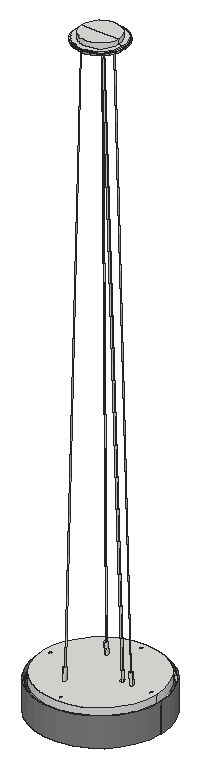
Revit family "Lighting_Pendants_Zero_Allright_Pendant", category Lighting Fixtures, Revit 2020
Family settings
  Round Connector Dimension = Use Diameter
  Part Type = Normal
  OmniClass Number = 23.80.70.00
  OmniClass Title = Lighting
  Work Plane-Based = No
  Always vertical = Yes
  Cut with Voids When Loaded = No
  Light Source = Yes
  Shared = No
  Room Calculation Point = No
Parameters (values of type "Allright pendant LED 1400LM/17W Grey HFF")
  Youtube clip = ""
  Weight Net (Kg) = "3.5"
  Wattage = 9.42495 W
  WarrantyStartDate [instance] = "n/a"
  WarrantyGuarantorParts = "n/a"
  WarrantyGuarantorLabor = "n/a"
  WarrantyDurationUnit = "Year"
  WarrantyDurationParts = "n/a"
  WarrantyDurationLabor = "n/a"
  WarrantyDescription = "n/a"
  built-in parameter 1150110 = 1 (stored number, unit not read)
  VersionDate = "31/08/2023"  # constant formula
  Version = "3"  # constant formula
  UsageCurrent = 0 A
  Uniformat II Description = ""
  Uniformat II Code = ""
  Uniclass2015Reference = "Pr_70_70_48_86"
  Uniclass2015Description = "Suspended luminaires"
  Uniclass2 = "Pr_70_70_49_86"
  Uniclass 2015 Name = ""
  Uniclass 2015 Code = ""
  Uniclass 2.0 Description = ""
  Uniclass 2.0 Code = ""
  Uniclass 1.4 Description = ""
  Uniclass 1.4 Code = ""
  URL = "https://www.zerolighting.com/pendants#/allright-inompe/"
  UNSPSC Code = ""
  TotalWattage = 17 W
  built-in parameter 1114217 = 1 (stored number, unit not read)
  Tilt Angle = 90.00°
  built-in parameter 1150109 = 1 (stored number, unit not read)
  built-in parameter 1150134 = (empty or 0)
  Technical description = ""
  TagNumber [instance] = "n/a"
  SustainabilityPerformance = "n/a"
  built-in parameter 1150113 = 1 (stored number, unit not read)
  Size = "400x400x1610 mm"
  Shape = "Sculptured"
  SerialNumber [instance] = "n/a"
  Revision = "5"  # constant formula
  ReplacementCost = "n/a"
  Region South America = "None"
  Region Oceania = "AU, NZ"
  Region North America = "BZ, CR, GT, HN, MX, NI, PA, SV, US"
  Region Middle East = "AE"
  Region Europe = "AD, AL, AT, AX, BA, BE, BG, BY, CH, CY, CZ, DE, DK, EE, ES, FI, FO, FR, GB, GG, GI, GR, HR, HU, IE, IM, IS, IT, JE, LI, LT, LU, LV, MC, MD, ME, MK, MT, NL, NO, PL, PT, RO, RS, RU, SE, SI, SJ, SK, SM, UA, VA"
  Region Asia = "HK, JP, SG"
  Region Antarctica = "None"
  Region Africa = "None"
  ProductInformation = "n/a"
  Product group = "Pendant"
  Product family = "Allright"
  Product certification = ""
  Product SKU = "Allright_pendant"
  Product Guid = "c9f32ad8-27a8-44c5-a4b6-41a178e3e565"
  Photometric Web File = "Allright7430-3_IES.IES"
  PhaseReference = "n/a"
  PhaseAngle = 0.00°
  OmniClass Description = ""
  OmniClass Code = ""
  NumberOfSources = 0
  NumberOfPoles = 1
  NominalVoltageCalc = 0 V
  NominalVoltage = 230 V
  NominalRadius = 200 mm
  NominalLength = 400 mm
  NominalFrequencyRange = 50 Hz
  NominalDiameter = 400 mm
  NominalCurrent = 0 A
  Nominal width = 400 mm
  Nominal height = 111 mm
  Name = "Zero_Allright_Pendant"  # constant formula
  NBSReference = "90-60-50/405"
  NBSDescription = "General purpose luminaires"
  NBS Reference Description = ""
  NBS Reference Code = ""
  ModelReference = "n/a"
  ModelNumber = "7428-3-97HFF"
  Model = "Allright pendant LED 1400LM/17W Grey HFF"
  Material secondary = "Acrylic"
  Material main = "Aluminium"
  Material = "Metal and plastic"
  Masterformat 2014 Description = ""
  Masterformat 2014 Code = ""
  ManufacturersSpecificInformation = "n/a"
  ManufacturerURL = "https://www.zerolighting.com/"
  ManufacturerName = "Zero"
  Manufacturer name = "ZERO"
  Manufacturer country = "Sweden"
  Manufacturer = "Zero"
  MaintenanceFactor = 0
  built-in parameter 1150105 = 111.41 (stored number, unit not read)
  Lumens = 1400 lm
  built-in parameter 1150115 = 1 (stored number, unit not read)
  LightFixtureSecondaryMaterial = White steel
  LightFixturePlacingType = "Ceiling"
  LightFixtureMountingType = "Suspended"
  LightFixtureMainMaterial = Dark Grey
  built-in parameter 1150137 = (empty or 0)
  built-in parameter 1150139 = (empty or 0)
  LensMaterial = Prismatic Acrylic
  built-in parameter 1150112 = 1 (stored number, unit not read)
  built-in parameter 1150114 = 1 (stored number, unit not read)
  InsulationStandardClass = "n/a"
  InstallationDate [instance] = "n/a"
  Installation instructions = ""
  built-in parameter 1150132 = 2
  built-in parameter 1150102 = (empty or 0)
  built-in parameter 1150107 = 3000 (stored number, unit not read)
  built-in parameter 1150138 = (empty or 0)
  built-in parameter 1150106 = 1.1141 (stored number, unit not read)
  IfcExportType = "NOTDEFINED"  # constant formula
  IfcExportAs = "IfcLightFixtureType"  # constant formula
  IP_Code = "20"
  IFC Classification = ""
  HasProtectiveEarth = no
  GTIN code = ""
  Emit from Line Length = 609.6 mm
  built-in parameter 1150104 = 13.8 (stored number, unit not read)
  Edition number = 1
  Dimming Lamp Color Temperature Shift = <None>
  Dimming = "Dimmable with DALI, DSI, SwitchDim"
  Grade = "n/a"
  Finish = "Anodized aluminium, natural, bronze or dark grey painted and white\r\npainted steel. Diffuser in prismatic acrylic."
  Features = "Terminal-block 5x4mm2. Two entry holes."
  ExpectedLife = "n/a"
  ElectricalDeviceNominalPower = 0
  EANNumber = "n/a"
  DurationUnit = "Year"
  Designer = "Per Sundstedt"
  Design country = "Sweden"
  DefaultElevation = 0 mm
  Default Elevation = 0 mm
  Date of publishing = ""
  Constituents = "n/a"
  Color Filter = 16777215
  Color = "Various"
  Collection = "Allright"
  CodePerformance = "n/a"
  Category = "Pendant"
  CableLength [instance] = 1800 mm
  COBIe Type Category = ""
  Brand url = "http://www.zero.se"
  Brand = "Zero"
  Barcode [instance] = "n/a"
  built-in parameter 1114218 = 1 (stored number, unit not read)
  BIMObjectName = "Lighting_Pendants_Zero_Allright_Pendant"  # constant formula
  Author = "BIMStone"  # constant formula
  built-in parameter 1150133 = 10 (stored number, unit not read)
  AssetType = "Fixed"
  AssetIdentifier [instance] = "n/a"
  ArticleNumber = "7428-3-97HFF"
  AccessibilityPerformance = "n/a"
Types (12, lengths in mm): name | Wattage | TotalWattage | Photometric Web File | ModelNumber | Model | built-in parameter 1150105 | Lumens | LightFixtureMainMaterial | built-in parameter 1150106 | built-in parameter 1150104 | Dimming | CableLength | ArticleNumber
  Allright pendant LED 1400LM/17W Alu | 9.42495 W | 17 W | "Allright7430-3_IES.IES" | "7428-3-38" | "Allright pendant LED 1400LM/17W Alu" | 111.41 (stored number, unit not read) | 1400 lm | Aluminum | 1.1141 (stored number, unit not read) | 13.8 (stored number, unit not read) | "None" | 1700 | "7428-3-38"
  Allright pendant LED 1937LM/26W Alu | 13.0334 W | 26 W | "Allright7428-3_IES.IES" | "7430-3-38" | "Allright pendant LED 1937LM/26W Alu" | 621.86 (stored number, unit not read) | 1936 lm | Aluminum | 6.2186 (stored number, unit not read) | 13.8 (stored number, unit not read) | "None" | 1500 | "7430-3-38"
  Allright pendant LED 1400LM/17W Alu HFF | 9.42495 W | 17 W | "Allright7430-3_IES.IES" | "7428-3-38HFF" | "Allright pendant LED 1400LM/17W Alu HFF" | 111.41 (stored number, unit not read) | 1400 lm | Aluminum | 1.1141 (stored number, unit not read) | 13.8 (stored number, unit not read) | "Dimmable with DALI, DSI, SwitchDim" | 1500 | "7428-3-38HFF"
  Allright pendant LED 1937LM/26W Alu HFF | 13.0334 W | 26 W | "Allright7428-3_IES.IES" | "7430-3-38HFF" | "Allright pendant LED 1937LM/26W Alu HFF" | 154.06 (stored number, unit not read) | 1936 lm | Aluminum | 1.5406 (stored number, unit not read) | 13.8 (stored number, unit not read) | "Dimmable with DALI, DSI, SwitchDim" | 1500 | "7430-3-38HFF"
  Allright pendant LED 1400LM/17W Bronze | 9.42495 W | 17 W | "Allright7430-3_IES.IES" | "7428-3-97" | "Allright pendant LED 1400LM/17W Bronze" | 111.41 (stored number, unit not read) | 1400 lm | Bronze | 1.1141 (stored number, unit not read) | 13.8 (stored number, unit not read) | "None" | 1800 | "7428-3-97"
  Allright pendant LED 1400LM/17W Bronze HFF | 9.42495 W | 17 W | "Allright7430-3_IES.IES" | "7428-3-97HFF" | "Allright pendant LED 1400LM/17W Bronze HFF" | 111.41 (stored number, unit not read) | 1400 lm | Bronze | 1.1141 (stored number, unit not read) | 13.8 (stored number, unit not read) | "Dimmable with DALI, DSI, SwitchDim" | 1500 | "7428-3-97HFF"
  Allright pendant LED 1937LM/26W Bronze | 13.0334 W | 26 W | "Allright7428-3_IES.IES" | "7430-3-97" | "Allright pendant LED 1937LM/26W Bronze" | 154.06 (stored number, unit not read) | 1936 lm | Bronze | 1.5406 (stored number, unit not read) | 13.8 (stored number, unit not read) | "None" | 1500 | "7430-3-97"
  Allright pendant LED 1937LM/26W Bronze HFF | 13.0334 W | 26 W | "Allright7428-3_IES.IES" | "7430-3-97HFF" | "Allright pendant LED 1937LM/26W Bronze HFF" | 154.06 (stored number, unit not read) | 1936 lm | Bronze | 1.5406 (stored number, unit not read) | 13.8 (stored number, unit not read) | "Dimmable with DALI, DSI, SwitchDim" | 1500 | "7430-3-97HFF"
  Allright pendant LED 1400LM/17W Grey | 9.42495 W | 17 W | "Allright7430-3_IES.IES" | "7428-3-97" | "Allright pendant LED 1400LM/17W Grey" | 111.41 (stored number, unit not read) | 1400 lm | Dark Grey | 1.1141 (stored number, unit not read) | 13.8 (stored number, unit not read) | "None" | 1500 | "7428-3-97"
  Allright pendant LED 1400LM/17W Grey HFF | 9.42495 W | 17 W | "Allright7430-3_IES.IES" | "7428-3-97HFF" | "Allright pendant LED 1400LM/17W Grey HFF" | 111.41 (stored number, unit not read) | 1400 lm | Dark Grey | 1.1141 (stored number, unit not read) | 13.8 (stored number, unit not read) | "Dimmable with DALI, DSI, SwitchDim" | 1800 | "7428-3-97HFF"
  Allright pendant LED 1937LM/26W Grey | 138.286 W | 26 W | "Allright7428-3_IES.IES" | "7430-3-98" | "Allright pendant LED 1937LM/26W Grey" | 154.06 (stored number, unit not read) | 1936 lm | Dark Grey | 1.5406 (stored number, unit not read) | 1.3006 (stored number, unit not read) | "None" | 1500 | "7430-3-98"
  Allright pendant LED 1937LM/26W Grey HFF | 13.0334 W | 26 W | "Allright7428-3_IES.IES" | "7430-3-98HFF" | "Allright pendant LED 1937LM/26W Grey HFF" | 154.06 (stored number, unit not read) | 1936 lm | Dark Grey | 1.5406 (stored number, unit not read) | 13.8 (stored number, unit not read) | "Dimmable with DALI, DSI, SwitchDim" | 1500 | "7430-3-98HFF"
Reference planes
  plane 1 "Light Source Axis (F/B)": y = 0
  plane 2: z = 0
  plane 3 "Light Source Axis (L/R)": x = 0
  plane 4 "Ceiling": z = 0
  plane 5 "Light Source Elevation": z = -1985
  plane 6: y = 200
  plane 7: y = -200
  plane 8: x = -200
  plane 9: x = 200
  plane 10: z = -1840
  plane 11: z = -40
  plane 12: z = 0
Forms (mm)
  Extrusion 1, solid, material "Dark Grey" <- "LightFixtureMainMaterial", detail levels coarse
    sketch origin (0, 0, -111) x (-1, 0, 0) y (0, -1, 0)
      loop
        line (200, 200) -> (-200, 200) -> (-200, -200) -> (200, -200) -> (200, 200)
    from 111 to -1874
  SweptBlend 2, solid, material "White steel" <- "LightFixtureSecondaryMaterial", detail levels medium+fine
    path origin (0, 0, 0) x (1, 0, 0) y (0, 0, 1)
      loop
        line (8.997, -25.174) -> (63.642, -1890)
    profile origin (8.997, 0, -25.174) x (0.999571, 0, 0.02929) y (0, -1, 0)
      loop
        circle (0, 0) r 2.5
    end profile origin (63.642, 0, -1890) x (0.999571, 0, 0.02929) y (0, -1, 0)
      loop
        circle (9.222, 0) r 2.5
Lines and regions (mm)
  symbolic lines, detail levels coarse
    curve 1: line (-200, -200, -1985) -> (200, -200, -1985)
    curve 2: line (-200, 200, -1985) -> (-200, -200, -1985)
    curve 3: line (200, 200, -1985) -> (-200, 200, -1985)
    curve 4: line (200, -200, -1985) -> (200, 200, -1985)
  symbolic lines, detail levels fine
    curve 5: line (0, 2.537, -1840) -> (0, 2.537, -24.397)
    curve 6: line (11.495, 0, -25.087) -> (11.495, 0, -40)
    curve 7: line (11.495, 0, -40) -> (73.414, 0, -1840)
    curve 8: line (73.414, 0, -1840) -> (73.414, 0, -1875)
    curve 9: line (68.414, 0, -1840.103) -> (68.414, 0, -1875)
    curve 10: line (6.495, 0, -40.103) -> (68.414, 0, -1840.103)
    curve 11: line (6.495, 0, -25.087) -> (6.495, 0, -40.103)
    curve 12: line (0, -2.463, -1840) -> (0, -2.463, -24.397)
    curve 14: line (0, 42.774, -40.034) -> (0, 83.145, -1840.034)
    curve 16: line (0, -42.774, -40.034) -> (0, -83.145, -1840.034)
    curve 18: line (99.684, 0, -1840.025) -> (44.338, 0, -40.033)
    curve 20: line (-47.765, 0, -1840.011) -> (-27.347, 0, -40.011)
  symbolic lines, detail levels medium+fine
    curve 13: line (0, 44.273, -40) -> (0, 84.645, -1840)
    curve 15: line (0, -44.273, -40) -> (0, -84.645, -1840)
    curve 17: line (100.484, 0, -1840) -> (45.138, 0, -40.009)
    curve 19: line (-48.765, 0, -1840) -> (-28.347, 0, -40)
Dimensions and locks
  equal spacing: plane 6, plane 1 "Light Source Axis (F/B)", plane 7
  plane 6 to plane 7 = 400 mm
  equal spacing: plane 8, plane 3 "Light Source Axis (L/R)", plane 9
  "NominalLength": plane 8 to plane 9
  "CableLength": plane 10 to plane 11
  locked: plane 11 to level at 40
  locked: plane 5 "Light Source Elevation" to plane 10 at 145
  aligned and locked: nested 1 to plane 10
  aligned and locked: plane 5 "Light Source Elevation" to nested 1
  aligned and locked: plane 5 "Light Source Elevation" to Extrusion 1
  aligned and locked: nested 2 to SweptBlend 2 sketch curve
  aligned and locked: SweptBlend 2 sketch curve to nested 1
  aligned and locked: imposter light to plane 5 "Light Source Elevation"
Automatic sketch dimensions
  Extrusion 1 sketch curve to plane 7 = 0 mm
  Extrusion 1 sketch curve to plane 9 = 0 mm
  Extrusion 1 sketch curve to plane 6 = 0 mm
  Extrusion 1 sketch curve to plane 8 = 0 mm
  curve 1 to plane 7 = 0 mm
  curve 1 to plane 9 = 0 mm
  curve 3 to plane 6 = 0 mm
  curve 3 to plane 8 = 0 mm
  SweptBlend 2 sketch curve to plane 1 "Light Source Axis (F/B)" = 0 mm  (x2)
  SweptBlend 2 sketch curve to profile plane = 0 mm
  SweptBlend 2 sketch curve to profile plane = 9.222 mm
  plane 3 "Light Source Axis (L/R)" to SweptBlend 2 sketch curve = 8.997 mm
  plane 3 "Light Source Axis (L/R)" to SweptBlend 2 sketch curve = 63.642 mm
  curve 15 to plane 10 = 0 mm
  curve 15 to plane 11 = 0 mm
  curve 12 to plane 10 = 0 mm
  curve 5 to plane 10 = 0 mm
  curve 13 to plane 11 = 0 mm
  curve 13 to plane 10 = 0 mm
  curve 13 to plane 1 "Light Source Axis (F/B)" = 44.273 mm
  curve 14 to plane 11 = 0.034 mm
  curve 14 to curve 13 = 1.5 mm  (x2)
  curve 5 to plane 1 "Light Source Axis (F/B)" = 2.537 mm
  plane 1 "Light Source Axis (F/B)" to curve 12 = 2.463 mm
  curve 16 to plane 11 = 0.034 mm
  plane 1 "Light Source Axis (F/B)" to curve 16 = 42.774 mm
  curve 15 to curve 16 = 1.5 mm  (x2)
  curve 16 to plane 10 = 0.034 mm
  curve 16 to curve 12 = 80.682 mm
  curve 14 to plane 10 = 0.034 mm
  curve 5 to curve 14 = 80.608 mm
  plane 11 to curve 5 = 15.603 mm
  curve 12 to curve 5 = 0 mm
  curve 19 to plane 10 = 0 mm
  curve 19 to plane 11 = 0 mm
  curve 7 to plane 11 = 0 mm
  curve 7 to plane 10 = 0 mm
  curve 17 to plane 10 = 0 mm
  curve 11 to plane 11 = 0.103 mm
  plane 3 "Light Source Axis (L/R)" to curve 11 = 6.495 mm
  curve 10 to curve 7 = 5 mm
  curve 9 to plane 10 = 0.103 mm
  plane 3 "Light Source Axis (L/R)" to curve 9 = 68.414 mm
  curve 9 to curve 7 = 5 mm
  curve 19 to plane 3 "Light Source Axis (L/R)" = 28.347 mm
  curve 19 to plane 3 "Light Source Axis (L/R)" = 48.765 mm
  curve 18 to plane 11 = 0.033 mm
  curve 6 to curve 18 = 32.843 mm
  curve 17 to plane 11 = 0.009 mm
  curve 18 to curve 17 = 0.8 mm  (x2)
  curve 18 to plane 10 = 0.025 mm
  curve 7 to curve 18 = 26.27 mm
  curve 8 to curve 7 = 35 mm
  curve 9 to curve 8 = 0 mm
  plane 11 to curve 6 = 14.913 mm
  curve 11 to curve 6 = 0 mm
  curve 20 to plane 10 = 0.011 mm
  curve 20 to plane 11 = 0.011 mm
  curve 19 to curve 20 = 1 mm  (x2)
Nested families
  nested 1: "Allright-pendant-shade" at (0, 0, -1985), Material1 <- "LightFixtureMainMaterial", Material2 <- "LensMaterial", Material3 <- "LightFixtureSecondaryMaterial", type "Allright-pendant-shade"
    with Material3 White steel, Material2 Prismatic Acrylic, Material1 Dark Grey
  nested 2: "Allright-pendant-base" at (0, 0, 0), CableLength <- "CableLength", Material1 <- "LightFixtureMainMaterial", Material3 <- "LightFixtureSecondaryMaterial", type "Allright-pendant-base"
    with Material3 White steel, Material2 Aluminum, Material1 Dark Grey, CableLength 1800 mm
Connectors
  electrical at (0, 0, 0), driven by "NominalVoltage"
    settings: on nested 2, index 1, voltage 230 V, apparent load 0 VA, apparent load phase1 0 VA, apparent load phase2 0 VA, apparent load phase3 0 VA, power factor 1, load classification "Other", number of poles 1, system type 31, power factor state 1, is connector primary yes, connector utility no, sub classification motor no, connector description ""
Definition of nested family "Allright-pendant-shade"
  Parameters (values of type "Allright-pendant-shade")
    Material3 [instance] = none
    Material2 [instance] = none
    Material1 [instance] = none
    Default Elevation = 0 mm
    CableLength = 1425.806 mm
  Reference planes
    plane 1 "Center (Front/Back)": y = 0
    plane 2: z = 0
    plane 3 "Center (Left/Right)": x = 0
  Forms (mm)
    Extrusion 1, solid, material <- "Material1", detail levels medium+fine
      sketch origin (0, 0, 0) x (1, 0, 0) y (0, 1, 0)
        loop
          line (197.994, 1.527) -> (199.994, 1.527)
          arc (199.994, 1.527) -> (0, 200) -> (-199.994, 1.527) r 200
          line (-199.994, 1.527) -> (-197.994, 1.527)
          arc (-197.994, 1.527) -> (0, 198) -> (197.994, 1.527) r 198
        loop
          arc (197.995, -1.473) -> (0, -198) -> (-197.995, -1.473) r 198
          line (-197.995, -1.473) -> (-199.995, -1.473)
          arc (-199.995, -1.473) -> (0, -200) -> (199.995, -1.473) r 200
          line (199.995, -1.473) -> (197.995, -1.473)
      from 0 to 95
    Extrusion 2, solid, material <- "Material3", detail levels medium+fine
      sketch origin (0, 0, 0) x (1, 0, 0) y (0, 1, 0)
        loop
          circle (0, 0) r 185
        loop
          circle (72.358, 0) r 6.5
        loop
          circle (2.089, 164.912) r 3
        loop
          circle (-47.862, 86.515) r 2.5
        loop
          circle (102.061, 0) r 2.463
        loop
          circle (167.118, 0) r 3
        loop
          circle (-162.902, 0) r 3
        loop
          circle (2.134, -165.028) r 3
        loop
          circle (-47.862, -86.515) r 2.5
      from 85 to 110
    Extrusion 3, solid, material <- "Material1", detail levels medium+fine
      sketch origin (0, 0, 0) x (1, 0, 0) y (0, 1, 0)
        loop
          circle (0, 0) r 200
        loop
          circle (0, 0) r 194
      from 0 to 13.001
    Extrusion 4, solid, material <- "Material2", detail levels medium+fine
      sketch origin (0, 0, 0) x (1, 0, 0) y (0, 1, 0)
        loop
          circle (0, 0) r 194
      from 4.987 to 9.987
    Extrusion 5, solid, detail levels medium+fine
      sketch origin (-437.097, 0, 0) x (1, 0, 0) y (0, 0, 1)
        loop
          line (252.245, 13.001) -> (252.241, 79.001) -> (243.097, 79.001) -> (243.097, 82.001) -> (239.097, 82.001) -> (239.097, 90.001) -> (237.097, 90.001) -> (237.097, 0) -> (243.097, 0) -> (243.097, 13.001) -> (252.245, 13.001)
        loop
          circle (246.277, 65.816) r 3
        loop
          circle (246.277, 26.186) r 3
      from -1.527 to 1.473
    Extrusion 6, solid, detail levels medium+fine
      sketch origin (437.097, 0, 0) x (-1, 0, 0) y (0, 0, -1)
        loop
          line (252.245, -13.001) -> (243.097, -13.001) -> (243.097, 0) -> (237.097, 0) -> (237.097, -90.001) -> (239.097, -90.001) -> (239.097, -82.001) -> (243.097, -82.001) -> (243.097, -79.001) -> (252.241, -79.001) -> (252.245, -13.001)
        loop
          circle (246.277, -65.816) r 3
        loop
          circle (246.277, -26.186) r 3
      from -1.527 to 1.473
    Extrusion 7, solid, detail levels medium+fine
      sketch origin (0, 0, 82.001) x (1, 0, 0) y (0, 1, 0)
        loop
          line (-197.994, 1.527) -> (-193.994, 1.527)
          arc (-193.994, 1.527) -> (0, 194) -> (193.994, 1.527) r 194
          line (193.994, 1.527) -> (197.994, 1.527)
          arc (197.994, 1.527) -> (0, 198) -> (-197.994, 1.527) r 198
        loop
          line (197.995, -1.473) -> (193.994, -1.473)
          arc (193.994, -1.473) -> (0, -194) -> (-193.994, -1.473) r 194
          line (-193.994, -1.473) -> (-197.995, -1.473)
          arc (-197.995, -1.473) -> (0, -198) -> (197.995, -1.473) r 198
      from -3 to 0
    SweptBlend 8, solid, material <- "Material3", detail levels medium+fine
      path origin (0, 0, 0) x (1, 0, 0) y (0, 0, 1)
        loop
          line (102.061, 145) -> (102.061, 110)
      profile origin (102.061, 0, 145) x (0, -1, 0) y (1, 0, 0)
        loop
          circle (0, -2.463) r 5
      end profile origin (102.061, 0, 110) x (0, -1, 0) y (1, 0, 0)
        loop
          circle (0, 0) r 5
    SweptBlend 9, solid, material <- "Material3", detail levels medium+fine
      path origin (-48.011, -15.553, 0) x (0.001459, 0.999999, 0) y (0, 0, 1)
        loop
          line (102.061, 145) -> (102.061, 110)
      profile origin (-47.862, 86.508, 145) x (0.999999, -0.001459, 0) y (0.001459, 0.999999, 0)
        loop
          circle (0, -2.463) r 5
      end profile origin (-47.862, 86.508, 110) x (0.999999, -0.001459, 0) y (0.001459, 0.999999, 0)
        loop
          circle (0, 0) r 5
    SweptBlend 10, solid, material <- "Material3", detail levels medium+fine
      path origin (-48.011, 15.553, 0) x (0.001459, -0.999999, 0) y (0, 0, -1)
        loop
          line (102.061, -145) -> (102.061, -110)
      profile origin (-47.862, -86.508, 145) x (0.999999, 0.001459, 0) y (-0.001459, 0.999999, 0)
        loop
          circle (0, 2.463) r 5
      end profile origin (-47.862, -86.508, 110) x (0.999999, 0.001459, 0) y (-0.001459, 0.999999, 0)
        loop
          circle (0, 0) r 5
  Cuts and joins
    joined: Extrusion 1, Extrusion 3
  Lines and regions (mm)
    symbolic lines, detail levels medium+fine
      curve 1: arc (-199.995, -1.473, 0) -> (0, -200, 0) -> (199.995, -1.473, 0) r 200
      curve 2: arc (199.994, 1.527, 0) -> (0, 200, 0) -> (-199.994, 1.527, 0) r 200
      curve 3: line (200, -1.473, 0) -> (200, 1.527, 0)
      curve 4: line (-200, 1.527, 0) -> (-200, -1.473, 0)
      curve 13: line (-185, 0, 110) -> (-185, 0, 95)
      curve 14: line (-185, 0, 95) -> (-199.995, 0, 95)
      curve 15: line (-199.995, 0, 95) -> (-199.995, 0, 0)
      curve 16: line (-199.995, 0, 0) -> (200, 0, 0)
      curve 17: line (200, 0, 0) -> (200, 0, 95)
      curve 18: line (185, 0, 110) -> (185, 0, 95)
      curve 19: line (185, 0, 95) -> (200, 0, 95)
      curve 20: line (185, 0, 110) -> (107.061, 0, 110)
      curve 21: line (-48.765, 0, 145) -> (-52.865, 0, 145)
      curve 22: line (-52.865, 0, 145) -> (-52.865, 0, 110)
      curve 24: line (100.467, 0, 145.027) -> (104.567, 0, 145.027)
      curve 25: line (104.567, 0, 145.027) -> (107.061, 0, 110)
      curve 26: line (-52.865, 0, 110) -> (-185, 0, 110)
      curve 30: line (0, 200, 0) -> (0, 200, 95)
      curve 31: line (0, 200, 95) -> (0, 185, 95)
      curve 32: line (0, 185, 95) -> (0, 185, 110)
      curve 33: line (0, 185, 110) -> (0, 91.508, 110)
      curve 34: line (0, 91.508, 110) -> (0, 89.045, 145)
      curve 35: line (0, 89.045, 145) -> (0, 84.645, 145)
      curve 36: line (0, -84.537, 145.022) -> (0, -88.937, 145.022)
      curve 37: line (0, -88.937, 145.022) -> (0, -91.508, 110)
      curve 38: line (0, -91.508, 110) -> (0, -185, 110)
      curve 39: line (0, -185, 110) -> (0, -185, 95)
      curve 40: line (0, -185, 95) -> (0, -200, 95)
      curve 41: line (0, -200, 95) -> (0, -200, 0)
      curve 42: line (0, -200, 0) -> (0, 200, 0)
    symbolic lines, detail levels fine
      curve 5: arc (-193.994, 1.527, 0) -> (0, 194, 0) -> (193.994, 1.527, 0) r 194
      curve 6: arc (193.994, -1.473, 0) -> (0, -194, 0) -> (-193.994, -1.473, 0) r 194
      curve 7: line (-199.994, 1.527, 0) -> (-193.994, 1.527, 0)
      curve 8: line (-200, -1.473, 0) -> (-193.994, -1.473, 0)
      curve 9: line (-194, -1.473, 0) -> (-194, 1.527, 0)
      curve 10: line (199.994, 1.527, 0) -> (193.994, 1.527, 0)
      curve 11: line (200, -1.473, 0) -> (193.994, -1.473, 0)
      curve 12: line (194, -1.473, 0) -> (194, 1.527, 0)
      curve 23: line (-42.865, 0, 145) -> (-42.865, 0, 110)
      curve 27: line (107.061, 0, 110) -> (97.061, 0, 110)
      curve 28: line (94.596, 0, 145.027) -> (97.061, 0, 110)
      curve 29: line (-185, 0, 95) -> (185, 0, 95)
      curve 43: line (0, 185, 95) -> (0, 1.527, 95)
      curve 44: line (0, 91.508, 110) -> (0, 81.508, 110)
      curve 45: line (0, 5, 110) -> (0, 5, 145)
      curve 46: line (0, 5, 145) -> (0, -5, 145)
      curve 47: line (0, -5, 110) -> (0, -5, 145)
      curve 48: line (0, 1.527, 0) -> (0, 1.527, 95)
      curve 49: line (0, -1.473, 0) -> (0, -1.473, 95)
      curve 50: line (0, -1.473, 95) -> (0, -185, 95)
      curve 51: line (0, 1.527, 90.001) -> (0, -1.473, 90.001)
      curve 52: line (0, -81.508, 110) -> (0, -79.043, 145.022)
      curve 53: line (0, 79.045, 145) -> (0, 81.508, 110)
      curve 54: arc (185, 0, 0) -> (0, 185, 0) -> (-185, 0, 0) r 185
      curve 55: arc (-185, 0, 0) -> (0, -185, 0) -> (185, 0, 0) r 185
      curve 56: line (0, 81.508, 110) -> (0, 5, 110)
      curve 57: line (0, -81.508, 110) -> (0, -91.508, 110)
      curve 58: line (0, -5, 110) -> (0, -81.508, 110)
      curve 59: line (0, 5, 110) -> (0, -5, 110)
      curve 60: line (-42.865, 0, 110) -> (-52.865, 0, 110)
      curve 61: line (97.061, 0, 110) -> (-42.865, 0, 110)
      curve 62: line (-48.765, 0, 145) -> (-42.865, 0, 145)
      curve 63: line (100.467, 0, 145.027) -> (94.596, 0, 145.027)
      curve 64: line (0, 84.645, 145) -> (0, 79.045, 145)
      curve 65: line (0, -84.537, 145.022) -> (0, -79.043, 145.022)
  Dimensions and locks
    aligned and locked: level to plane 2
Definition of nested family "Allright-pendant-base"
  Parameters (values of type "Allright-pendant-base")
    Material3 [instance] = none
    Material2 [instance] = none
    Material1 [instance] = none
    Default Elevation = 0 mm
    CableLength [instance] = 1499.24 mm
  Reference planes
    plane 1 "Center (Front/Back)": y = 0
    plane 2: z = 0
    plane 3 "Center (Left/Right)": x = 0
    plane 4: z = -1539.24
    plane 5: z = -40
  Forms (mm)
    Revolve 1, solid, material <- "Material3", detail levels medium+fine
      sketch origin (0, 0, -1613.5) x (1, 0, 0) y (0, 0, 1)
        loop
          line (0, 1613.5) -> (-59.977, 1613.5) -> (-59.977, 1598.125) -> (-74.994, 1598.125) -> (-74.994, 1595.125) -> (-80, 1595.125) -> (-80, 1593.125)
          arc (-80, 1593.125) -> (-78.828, 1590.296) -> (-76, 1589.125) r 4
          line (-76, 1589.125) -> (0, 1589.125) -> (0, 1613.5)
        axis (0, 1589.125) -> (0, 1613.5)
      angle from 0 to 360
    Revolve 2, solid, material <- "Material3", detail levels medium+fine
      sketch origin (-412.221, -502.123, -1613.5) x (-0.642788, -0.766044, 0) y (0, 0, 1)
        loop
          line (-599.667, 1588.422) -> (-599.137, 1573.5) -> (-598.038, 1573.539) -> (-598.566, 1588.422) -> (-599.667, 1588.422)
        axis (-598.038, 1573.539) -> (-598.568, 1588.461)
      angle from 0 to 360
    Revolve 3, solid, material <- "Material3", detail levels medium+fine
      sketch origin (-552.41, -0.058, -1613.5) x (-1, 0, 0) y (0, 0, 1)
        loop
          line (-596.256, 1588.641) -> (-597.156, 1588.673) -> (-597.693, 1573.539) -> (-596.794, 1573.507) -> (-596.256, 1588.641)
        axis (-597.693, 1573.539) -> (-597.156, 1588.673)
      angle from 0 to 360
    Revolve 4, solid, material <- "Material3", detail levels medium+fine
      sketch origin (-412.221, 502.123, -1613.5) x (-0.642788, 0.766044, 0) y (0, 0, -1)
        loop
          line (-599.667, -1588.422) -> (-598.566, -1588.422) -> (-598.038, -1573.539) -> (-599.137, -1573.5) -> (-599.667, -1588.422)
        axis (-598.038, -1573.539) -> (-598.568, -1588.461)
      angle from 0 to 360
    SweptBlend 5, solid, material <- "Material2", detail levels medium+fine
      path origin (0, 0, -1439.995) x (1, 0, 0) y (0, 0, 1)
        loop
          line (40, 1399.995) -> (40, -99.218)
      profile origin (40, 0, -40) x (0, -1, 0) y (1, 0, 0)
        loop
          circle (0.131, 5.271) r 0.7
      end profile origin (40, 0, -1539.213) x (0, -1, 0) y (1, 0, 0)
        loop
          circle (0, 59.484) r 1
    SweptBlend 6, solid, material <- "Material2", detail levels medium+fine
      path origin (0, 0, -1440.022) x (-0.495422, 0.868652, 0) y (0, 0, 1)
        loop
          line (40, 1400.022) -> (40, -99.218)
      profile origin (-19.817, 34.746, -40) x (0.868652, 0.495422, 0) y (-0.495422, 0.868652, 0)
        loop
          circle (-2.374, 12.044) r 0.7
      end profile origin (-19.817, 34.746, -1539.24) x (0.868652, 0.495422, 0) y (-0.495422, 0.868652, 0)
        loop
          circle (-0.253, 56.409) r 1
    SweptBlend 7, solid, material <- "Material2", detail levels medium+fine
      path origin (0, 0, -1439.995) x (-0.497645, -0.867381, 0) y (0, 0, 1)
        loop
          line (40, 1399.995) -> (40, -99.218)
      profile origin (-19.906, -34.695, -40) x (-0.867381, 0.497645, 0) y (-0.497645, -0.867381, 0)
        loop
          circle (2.387, 11.954) r 0.7
      end profile origin (-19.906, -34.695, -1539.213) x (-0.867381, 0.497645, 0) y (-0.497645, -0.867381, 0)
        loop
          circle (-0.251, 56.696) r 1
  Lines and regions (mm)
    symbolic lines, detail levels medium+fine
      curve 1: line (-28.347, 0, -40) -> (-29.473, 0, -40)
      curve 2: line (-29.473, 0, -40) -> (-28.956, 0, -25.174)
      curve 3: line (0, 0, 0) -> (-59.977, 0, 0)
      curve 4: line (-59.977, 0, 0) -> (-59.977, 0, -15.375)
      curve 5: line (-59.977, 0, -15.375) -> (-74.994, 0, -15.375)
      curve 6: line (-74.994, 0, -15.375) -> (-74.994, 0, -19.135)
      curve 7: line (-74.994, 0, -19.135) -> (-80, 0, -19.135)
      curve 8: line (-80, 0, -19.135) -> (-80, 0, -21.635)
      curve 9: arc (-80, 0, -21.635) -> (-79.077, 0, -24.025) -> (-76.787, 0, -25.174) r 3.555
      curve 10: line (-76.787, 0, -25.174) -> (-28.956, 0, -25.174)
      curve 11: line (0, 0, 0) -> (59.977, 0, 0)
      curve 12: line (59.977, 0, 0) -> (59.977, 0, -15.375)
      curve 13: line (59.977, 0, -15.375) -> (74.994, 0, -15.375)
      curve 14: line (74.994, 0, -15.375) -> (74.994, 0, -19.135)
      curve 15: line (74.994, 0, -19.135) -> (80, 0, -19.135)
      curve 16: line (80, 0, -19.135) -> (80, 0, -21.635)
      curve 17: arc (80, 0, -21.635) -> (79.077, 0, -24.025) -> (76.787, 0, -25.174) r 3.555
      curve 18: line (76.787, 0, -25.174) -> (45.598, 0, -25.174)
      curve 19: line (45.598, 0, -25.174) -> (46.238, 0, -40.009)
      curve 25: line (0, 44.525, -40) -> (0, 45.408, -40)
      curve 26: line (0, 45.408, -40) -> (0, 44.936, -24.397)
      curve 27: line (0, 0, 0) -> (0, 59.977, 0)
      curve 28: line (0, 59.977, 0) -> (0, 59.977, -15.375)
      curve 29: line (0, 59.977, -15.375) -> (0, 74.994, -15.375)
      curve 30: line (0, 74.994, -15.375) -> (0, 74.994, -18.375)
      curve 31: line (0, 74.994, -18.375) -> (0, 80, -18.375)
      curve 32: line (0, 80, -18.375) -> (0, 80, -20.875)
      curve 33: arc (0, 80, -20.875) -> (0, 78.828, -23.506) -> (0, 76.089, -24.397) r 3.541
      curve 34: line (0, 76.089, -24.397) -> (0, 44.936, -24.397)
      curve 35: line (0, 0, 0) -> (0, -59.977, 0)
      curve 36: line (0, -59.977, 0) -> (0, -59.977, -15.375)
      curve 37: line (0, -59.977, -15.375) -> (0, -74.994, -15.375)
      curve 38: line (0, -74.994, -15.375) -> (0, -74.994, -18.375)
      curve 39: line (0, -74.994, -18.375) -> (0, -80, -18.375)
      curve 40: line (0, -80, -18.375) -> (0, -80, -20.875)
      curve 41: arc (0, -80, -20.875) -> (0, -78.828, -23.506) -> (0, -76.089, -24.397) r 3.541
      curve 42: line (0, -76.089, -24.397) -> (0, -44.936, -24.397)
      curve 43: line (0, -44.936, -24.397) -> (0, -45.209, -40)
      curve 59: line (46.238, 0, -40.009) -> (45.138, 0, -40.009)
      curve 61: line (0, -44.541, -40) -> (0, -45.209, -40)
    symbolic lines, detail levels fine
      curve 20: line (44.308, 0, -40.009) -> (43.668, 0, -25.174)
      curve 21: line (-59.977, 0, -15.375) -> (59.977, 0, -15.375)
      curve 22: line (74.994, 0, -19.135) -> (-74.994, 0, -19.135)
      curve 23: line (-26.191, 0, -40) -> (-25.674, 0, -25.174)
      curve 24: line (-28.956, 0, -25.174) -> (-25.674, 0, -25.174)
      curve 44: line (0, 59.977, -15.375) -> (0, 0, -15.375)
      curve 45: line (0, 74.994, -18.375) -> (0, 0, -18.375)
      curve 46: line (0, -59.977, -15.375) -> (0, 0, -15.375)
      curve 47: line (0, -74.994, -18.375) -> (0, 0, -18.375)
      curve 48: line (0, 44.936, -24.397) -> (0, 42.177, -24.397)
      curve 49: line (0, -42.311, -40) -> (0, -41.766, -24.397)
      curve 50: line (0, 42.177, -24.397) -> (0, 42.722, -40)
      curve 51: line (0, 44.525, -40) -> (0, 42.722, -40)
      curve 52: line (0, -42.311, -40) -> (0, -44.541, -40)
      curve 53: line (-25.674, 0, -25.174) -> (43.668, 0, -25.174)
      curve 54: line (43.668, 0, -25.174) -> (45.598, 0, -25.174)
      curve 55: line (0, 42.177, -24.397) -> (0, -1.099, -24.397)
      curve 56: line (0, -1.099, -24.397) -> (0, -41.766, -24.397)
      curve 57: line (0, -41.766, -24.397) -> (0, -44.936, -24.397)
      curve 58: line (-28.347, 0, -40) -> (-26.191, 0, -40)
      curve 60: line (45.138, 0, -40.009) -> (44.308, 0, -40.009)
  Dimensions and locks
    "CableLength": plane 5 to plane 4
    locked: level to plane 5 at 40
    aligned and locked: level to plane 2
  Automatic sketch dimensions
    Revolve 1 sketch curve to level = 0 mm
    Revolve 1 sketch curve to plane 3 "Center (Left/Right)" = 0 mm  (x2)
    Revolve 1 sketch curve to level = 15.375 mm
    Revolve 1 sketch curve to plane 3 "Center (Left/Right)" = 59.977 mm
    Revolve 1 sketch curve to Revolve 1 sketch curve = 15.017 mm
    Revolve 1 sketch curve to Revolve 1 sketch curve = 1.006 mm
    Revolve 1 sketch curve to Revolve 1 sketch curve = 4 mm
    Revolve 1 sketch curve to Revolve 1 sketch curve = 3 mm
    Revolve 1 sketch curve to Revolve 1 sketch curve = 2 mm
    Revolve 1 sketch curve to Revolve 1 sketch curve = 0 mm
    Revolve 1 sketch curve to Revolve 1 sketch curve = 8.342 mm
    plane 5 to Revolve 2 sketch curve = 0 mm
    plane 5 to Revolve 2 sketch curve = 14.922 mm  (x2)
    Revolve 2 sketch curve to Revolve 2 sketch curve = 0.53 mm
    Revolve 2 sketch curve to Revolve 2 sketch curve = 1.101 mm
    Revolve 2 sketch curve to Revolve 2 sketch curve = 0 mm  (x2)
    plane 5 to Revolve 2 sketch curve = 0.039 mm
    plane 5 to Revolve 3 sketch curve = 0.039 mm  (x2)
    plane 3 "Center (Left/Right)" to Revolve 3 sketch curve = 45.283 mm
    plane 5 to Revolve 3 sketch curve = 15.173 mm  (x2)
    Revolve 3 sketch curve to Revolve 3 sketch curve = 0.537 mm
    plane 5 to Revolve 3 sketch curve = 0.007 mm
    Revolve 3 sketch curve to Revolve 3 sketch curve = 0 mm  (x2)
    Revolve 4 sketch curve to plane 5 = 0 mm
    plane 5 to Revolve 4 sketch curve = 14.922 mm  (x2)
    Revolve 4 sketch curve to Revolve 4 sketch curve = 0.53 mm
    Revolve 4 sketch curve to Revolve 4 sketch curve = 1.101 mm
    Revolve 4 sketch curve to Revolve 4 sketch curve = 0 mm  (x2)
    plane 5 to Revolve 4 sketch curve = 0.039 mm
    SweptBlend 5 sketch curve to plane 5 = 0 mm
    plane 4 to SweptBlend 5 sketch curve = 0.027 mm
    plane 3 "Center (Left/Right)" to SweptBlend 5 sketch curve = 40 mm
    profile plane to SweptBlend 5 sketch curve = 0.131 mm
    SweptBlend 5 sketch curve to profile plane = 5.271 mm
    profile plane to SweptBlend 5 sketch curve = 0 mm
    SweptBlend 5 sketch curve to profile plane = 59.484 mm
    plane 4 to SweptBlend 6 sketch curve = 0 mm
    plane 5 to SweptBlend 6 sketch curve = 0 mm
    SweptBlend 6 sketch curve to profile plane = 2.374 mm
    SweptBlend 6 sketch curve to profile plane = 12.044 mm
    SweptBlend 6 sketch curve to profile plane = 0.253 mm
    SweptBlend 6 sketch curve to profile plane = 56.409 mm
    plane 5 to SweptBlend 7 sketch curve = 0 mm
    plane 4 to SweptBlend 7 sketch curve = 0.027 mm
    profile plane to SweptBlend 7 sketch curve = 2.387 mm
    SweptBlend 7 sketch curve to profile plane = 11.954 mm
    SweptBlend 7 sketch curve to profile plane = 0.251 mm
    SweptBlend 7 sketch curve to profile plane = 56.696 mm
    curve 4 to level = 0 mm
    curve 1 to plane 5 = 0 mm
    curve 3 to plane 3 "Center (Left/Right)" = 0 mm
    curve 23 to plane 3 "Center (Left/Right)" = 25.674 mm
    curve 58 to curve 23 = 0.518 mm
    curve 58 to curve 23 = 2.156 mm
    curve 2 to curve 23 = 3.282 mm
    curve 2 to curve 1 = 1.126 mm
    curve 5 to level = 15.375 mm
    curve 5 to curve 2 = 31.022 mm
    curve 6 to curve 4 = 15.017 mm
    curve 9 to curve 6 = 1.451 mm
    curve 10 to curve 9 = 0.342 mm
    curve 8 to curve 9 = 3.555 mm
    plane 5 to curve 53 = 14.826 mm
    plane 3 "Center (Left/Right)" to curve 53 = 43.668 mm
    curve 20 to curve 54 = 1.93 mm
    curve 18 to curve 59 = 0.64 mm
    curve 18 to curve 12 = 14.379 mm
    curve 12 to curve 14 = 15.017 mm
    curve 14 to curve 17 = 1.451 mm
    curve 17 to curve 18 = 0.342 mm
    curve 17 to curve 16 = 3.555 mm
    curve 9 to curve 6 = 2.5 mm
    curve 60 to curve 19 = 1.93 mm
    curve 20 to plane 5 = 0.009 mm
    curve 20 to curve 60 = 0.83 mm
    curve 36 to level = 0 mm
    curve 43 to plane 5 = 0 mm
    curve 27 to plane 1 "Center (Front/Back)" = 0 mm
    curve 47 to plane 1 "Center (Front/Back)" = 0 mm
    curve 46 to plane 1 "Center (Front/Back)" = 0 mm
    curve 51 to plane 5 = 0 mm
    plane 1 "Center (Front/Back)" to curve 56 = 1.099 mm
    curve 49 to curve 49 = 0.545 mm
    curve 57 to curve 49 = 3.17 mm
    curve 61 to curve 49 = 2.898 mm
    curve 37 to curve 42 = 15.041 mm
    curve 38 to curve 36 = 15.017 mm
    curve 42 to curve 38 = 1.095 mm
    curve 41 to curve 38 = 1.465 mm
    curve 40 to curve 41 = 3.541 mm
    plane 5 to curve 48 = 15.603 mm
    curve 48 to plane 1 "Center (Front/Back)" = 42.177 mm
    curve 48 to curve 51 = 0.545 mm
    curve 50 to curve 25 = 1.803 mm
    curve 48 to curve 34 = 2.759 mm
    curve 25 to curve 25 = 0.882 mm
    curve 26 to curve 28 = 15.041 mm
    curve 28 to curve 31 = 15.017 mm
    curve 30 to curve 34 = 1.095 mm
    curve 30 to curve 33 = 1.465 mm
    curve 33 to curve 31 = 3.541 mm
    curve 33 to curve 30 = 2.5 mm
    curve 45 to curve 46 = 3 mm
    curve 57 to curve 55 = 40.667 mm
    curve 43 to curve 61 = 0.667 mm
    radius of SweptBlend 5 sketch curve = 0.7 mm
    radius of SweptBlend 5 sketch curve = 1 mm
    radius of SweptBlend 6 sketch curve = 0.7 mm
    radius of SweptBlend 6 sketch curve = 1 mm
    radius of SweptBlend 7 sketch curve = 0.7 mm
    radius of SweptBlend 7 sketch curve = 1 mm
